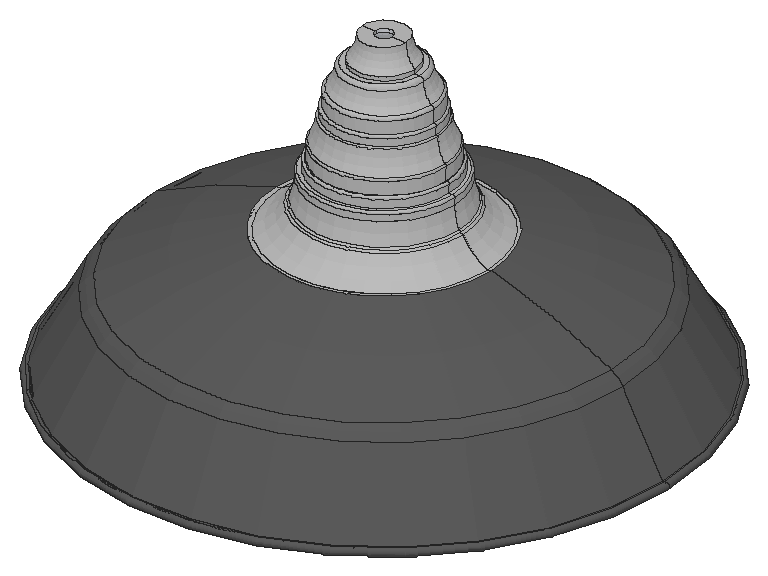
Revit family "W5206 SHADE", category Lighting Fixtures, Revit 2024
Family settings
  Round Connector Dimension = Use Diameter
  Part Type = Normal
  OmniClass Number = 23.80.70.00
  OmniClass Title = Lighting
  Work Plane-Based = No
  Always vertical = Yes
  Cut with Voids When Loaded = No
  Light Source = Yes
  Maintain Annotation Orientation = No
  Shared = No
  Room Calculation Point = No
Parameters
  Wattage = 12.1178 W
  built-in parameter 1150110 = 1 (stored number, unit not read)
  built-in parameter 1114217 = 1 (stored number, unit not read)
  built-in parameter 1150109 = 1 (stored number, unit not read)
  built-in parameter 1150134 = (empty or 0)
  built-in parameter 1150113 = 1 (stored number, unit not read)
  Lumens = 1800 lm
  built-in parameter 1150115 = 1 (stored number, unit not read)
  built-in parameter 1150105 = 572.96 (stored number, unit not read)
  Light Source Symbol Size = 2' - 0"
  built-in parameter 1150137 = (empty or 0)
  built-in parameter 1150139 = (empty or 0)
  built-in parameter 1150112 = 1 (stored number, unit not read)
  built-in parameter 1150114 = 1 (stored number, unit not read)
  built-in parameter 1150132 = 2
  built-in parameter 1150102 = (empty or 0)
  built-in parameter 1150138 = (empty or 0)
  built-in parameter 1150107 = 3000 (stored number, unit not read)
  built-in parameter 1150106 = 5.7296 (stored number, unit not read)
  built-in parameter 1150104 = 13.8 (stored number, unit not read)
  Dimming Lamp Color Temperature Shift = (empty or 0)
  Default Elevation = 0' - 0"
  Color Filter = 16777215
  built-in parameter 1114218 = 1 (stored number, unit not read)
  built-in parameter 1150133 = 10 (stored number, unit not read)
Reference planes (in)
  plane 1 "Light Source Axis (F/B)": y = 0
  plane 2: z = 0
  plane 3 "Light Source Axis (L/R)": x = 0
  plane 4 "Light Source Elevation": z = 84
Forms (in)
  Revolve 1, solid
    sketch origin (0, 0, 0) x (1, 0, 0) y (0, 0, 1)
      loop
        line (-9.75189, 84.15085) -> (-8.32023, 86.68379)
        arc (-8.32023, 86.68379) -> (-8.14275, 86.8808) -> (-7.93964, 87.05126) r 1.90519
        arc (-7.93964, 87.05126) -> (-5.89743, 87.97753) -> (-3.76016, 88.65625) r 18.96292
        line (-3.76016, 88.65625) -> (-3.62657, 88.65625)
        arc (-3.62657, 88.65625) -> (-3.08772, 88.99375) -> (-2.6739, 89.47647) r 2.10968
        arc (-2.6739, 89.47647) -> (-2.66225, 89.48965) -> (-2.64694, 89.4983) r 0.05311
        arc (-2.64694, 89.4983) -> (-2.5752, 89.54395) -> (-2.52956, 89.61568) r 0.19595
        arc (-2.52956, 89.61568) -> (-2.424, 89.98495) -> (-2.3707, 90.36529) r 2.76194
        line (-2.3707, 90.36529) -> (-2.3707, 90.57669) -> (-2.18096, 90.57669) -> (-2.18096, 90.92631) -> (-2.07091, 90.92631) -> (-2.07091, 91.45453) -> (-2.04184, 91.49706)
        arc (-2.04184, 91.49706) -> (-1.86668, 91.88681) -> (-1.7793, 92.30508) r 1.97826
        line (-1.7793, 92.30508) -> (-1.71843, 92.36595) -> (-1.71843, 92.61144) -> (-1.63259, 92.68606) -> (-1.63259, 93.10914)
        arc (-1.63259, 93.10914) -> (-1.62055, 93.13575) -> (-1.59262, 93.14427) r 0.03543
        arc (-1.59262, 93.14427) -> (-1.37575, 93.47088) -> (-1.26829, 93.84791) r 1.27592
        arc (-1.26829, 93.84791) -> (-1.25474, 93.88845) -> (-1.22654, 93.92056) r 0.10807
        line (-1.22654, 93.92056) -> (-0.97544, 93.92056) -> (-0.97544, 94.10749)
        arc (-0.97544, 94.10749) -> (-0.76522, 94.4251) -> (-0.67557, 94.79529) r 1.10294
        line (-0.67557, 94.79529) -> (-0.29221, 94.79529) -> (-0.29221, 94.88904) -> (-0.76732, 94.88904)
        arc (-0.76732, 94.88904) -> (-0.84123, 94.48614) -> (-1.06919, 94.1458) r 1.00919
        line (-1.06919, 94.1458) -> (-1.06919, 94.01431) -> (-1.25289, 94.01431)
        arc (-1.25289, 94.01431) -> (-1.32636, 93.95036) -> (-1.36132, 93.85945) r 0.20182
        arc (-1.36132, 93.85945) -> (-1.45453, 93.52415) -> (-1.64134, 93.23053) r 1.18217
        arc (-1.64134, 93.23053) -> (-1.70297, 93.18323) -> (-1.72634, 93.10914) r 0.12918
        line (-1.72634, 93.10914) -> (-1.72634, 92.68606)
        arc (-1.72634, 92.68606) -> (-1.78626, 92.66831) -> (-1.81218, 92.61144) r 0.07536
        line (-1.81218, 92.61144) -> (-1.81218, 92.36144)
        arc (-1.81218, 92.36144) -> (-1.85251, 92.35078) -> (-1.8726, 92.31423) r 0.05294
        arc (-1.8726, 92.31423) -> (-1.95584, 91.91578) -> (-2.1227, 91.5445) r 1.88451
        arc (-2.1227, 91.5445) -> (-2.15365, 91.50417) -> (-2.16466, 91.45453) r 0.11745
        line (-2.16466, 91.45453) -> (-2.16466, 91.02006) -> (-2.19971, 91.02006)
        arc (-2.19971, 91.02006) -> (-2.25274, 90.99809) -> (-2.27471, 90.94506) r 0.075
        line (-2.27471, 90.94506) -> (-2.27471, 90.67044) -> (-2.40271, 90.67044)
        arc (-2.40271, 90.67044) -> (-2.44748, 90.63609) -> (-2.46445, 90.58227) r 0.09383
        line (-2.46445, 90.58227) -> (-2.46445, 90.36858)
        arc (-2.46445, 90.36858) -> (-2.51605, 90.0028) -> (-2.61769, 89.64765) r 2.66819
        arc (-2.61769, 89.64765) -> (-2.64149, 89.61024) -> (-2.67891, 89.58643) r 0.1022
        arc (-2.67891, 89.58643) -> (-2.72125, 89.5625) -> (-2.75346, 89.52606) r 0.14686
        arc (-2.75346, 89.52606) -> (-3.14163, 89.07108) -> (-3.64621, 88.75) r 2.01593
        line (-3.64621, 88.75) -> (-3.77185, 88.75)
        arc (-3.77185, 88.75) -> (-5.92869, 88.06596) -> (-7.98925, 87.13109) r 19.05667
        arc (-7.98925, 87.13109) -> (-8.20797, 86.94815) -> (-8.39843, 86.73594) r 1.99894
        line (-8.39843, 86.73594) -> (-9.80353, 84.25) -> (-9.87419, 84.25)
        arc (-9.87419, 84.25) -> (-9.95291, 84.0279) -> (-9.75189, 84.15085) r 0.125
      axis (0, 84.15085) -> (0, 94.88904)
    angle from 0 to 360
Dimensions and locks (in)
  aligned and locked: plane 3 "Light Source Axis (L/R)" to imposter light
  aligned and locked: plane 1 "Light Source Axis (F/B)" to imposter light
  aligned and locked: plane 4 "Light Source Elevation" to imposter light
  aligned and locked: level to plane 2
